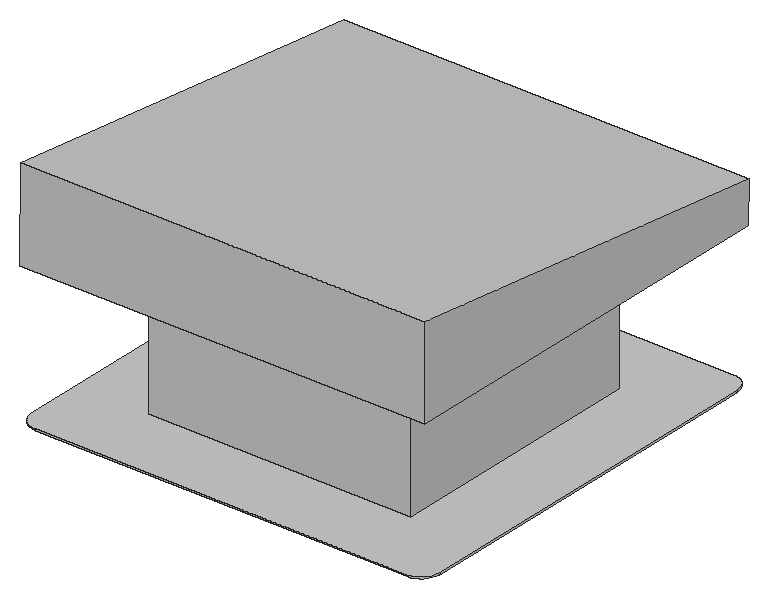
Revit family "Mechanical_Menzies-Metal_Built-Up-Roof-Flat-Top-Vent", category Mechanical Equipment, host Face, Revit 2018
Family settings
  Host = Face
  Round Connector Dimension = Use Diameter
  Part Type = Normal
  OmniClass Number = 23.70.50.21.24.11
  OmniClass Title = Roof Waste Water Drains
  Cut with Voids When Loaded = No
  Shared = No
  Room Calculation Point = No
Parameters (values of type "14 x 14")
  Width = 14"
  Weight = 10.95 lbf
  Waste Connection = no
  Vent Connection = no
  URL = "https://www.menzies-metal.com/flat-roofing/bur-flat-top-vent/"
  Product data url = "https://www.bimobject.com/menzies-metal/product/built-up-roof-vent-tpo"
  Product Material = Metal - Menzies Metal Products - Galvanized Steel
  Product Guid = "2799f1e7-5a87-41a4-ae29-f83a5cfc54c4"
  Model = "600-2142"
  Manufacturer = "Menzies Metal Products"  # constant formula
  HW Connection = no
  Edition number = 1
  Drain Flow = 0 GPM
  Description = "Built Up Roof Flat Top Vent"  # constant formula
  Depth = 14"
  Default Elevation = 48"
  CW Connection = no
  Assembly Code = "D2040200"
Reference planes (in)
  plane 1 "Center (Front/Back)": y = 0
  plane 2: z = 0
  plane 3 "Center (Left/Right)": x = 0
  plane 4: z = 0.05867
  plane 5: y = 7
  plane 6: y = -7
  plane 7: x = -7
  plane 8: x = 7
  plane 9: z = 0.09
  plane 10: z = 8.09
  plane 11: y = 10.91
  plane 12: y = -10.91
  plane 13: z = 12.7
  plane 14: x = 11
  plane 15: x = -11
  plane 16: x = -10.91579
  plane 17: x = 10.89
  plane 18: z = 7.69
  plane 19: y = 11
  plane 20: y = -11
  plane 21: z = 10
  plane 22: y = -10.91
  plane 23: y = 10.91
Forms (in)
  Extrusion 1, solid, material "Metal - Menzies Metal Products - Galvanized Steel" <- "Product Material", detail levels medium+fine
    sketch origin (0, 0, 0) x (1, 0, 0) y (0, 1, 0)
      loop
        line (-7, 7) -> (-7, -7) -> (7, -7) -> (7, 7) -> (-7, 7)
      loop
        line (-7.11579, 7.09) -> (-7.11579, -7.09) -> (7.09, -7.09) -> (7.09, 7.09) -> (-7.11579, 7.09)
    from 0 to 8.09
  Extrusion 2, solid, material "Metal - Menzies Metal Products - Galvanized Steel" <- "Product Material", detail levels medium+fine
    sketch origin (0, 0, 0) x (1, 0, 0) y (0, 1, 0)
      loop
        line (-7.11579, 7.09) -> (-7.11579, -7.09) -> (7.09, -7.09) -> (7.09, 7.09) -> (-7.11579, 7.09)
      loop
        line (10.09, 11.09) -> (-10.09, 11.09)
        arc (-10.09, 11.09) -> (-10.79711, 10.79711) -> (-11.09, 10.09) r 1
        line (-11.09, 10.09) -> (-11.09, -10.09)
        arc (-11.09, -10.09) -> (-10.79711, -10.79711) -> (-10.09, -11.09) r 1
        line (-10.09, -11.09) -> (10.09, -11.09)
        arc (10.09, -11.09) -> (10.79711, -10.79711) -> (11.09, -10.09) r 1
        line (11.09, -10.09) -> (11.09, 10.09)
        arc (11.09, 10.09) -> (10.79711, 10.79711) -> (10.09, 11.09) r 1
    from 0 to 0.09
  Extrusion 3, solid, material "Metal - Menzies Metal Products - Galvanized Steel" <- "Product Material", detail levels medium+fine
    sketch origin (0, 0, 0) x (0, 1, 0) y (0, 0, 1)
      loop
        line (11, 10) -> (-11, 12.7) -> (-11, 7.69) -> (11, 7.69) -> (11, 10)
    from -11 to 11
  Extrusion 4, void
    sketch origin (0, 0, 0) x (0, 1, 0) y (0, 0, 1)
      loop
        line (10.91, 7.69) -> (10.91, 9.92037) -> (-10.91, 12.59828) -> (-10.91, 7.69) -> (10.91, 7.69)
    from -10.91579 to 10.89
  Extrusion 5, solid, material "Metal - Menzies Metal Products - Galvanized Steel" <- "Product Material", detail levels coarse
    sketch origin (0, 0, 0) x (1, 0, 0) y (0, 1, 0)
      loop
        line (-11.09, 11.09) -> (-11.09, -11.09) -> (11.09, -11.09) -> (11.09, 11.09) -> (-11.09, 11.09)
    from 0 to 0.09
  Extrusion 6, solid, material "Metal - Menzies Metal Products - Galvanized Steel" <- "Product Material", detail levels coarse
    sketch origin (0, 0, 0) x (1, 0, 0) y (0, 1, 0)
      loop
        line (-7.09, 7.09) -> (-7.09, -7.09) -> (7.09, -7.09) -> (7.09, 7.09) -> (-7.09, 7.09)
    from 0.09 to 8.09
  Extrusion 7, solid, material "Metal - Menzies Metal Products - Galvanized Steel" <- "Product Material", detail levels coarse
    sketch origin (0, 0, 0) x (0, 1, 0) y (0, 0, 1)
      loop
        line (-11, 7.69) -> (11, 7.69) -> (11, 10) -> (-11, 12.7) -> (-11, 7.69)
    from -11 to 11
  Extrusion 8, solid, material "Metal - Menzies Metal Products - Galvanized Steel" <- "Product Material", detail levels medium+fine
    sketch origin (0, 0, 0) x (1, 0, 0) y (0, 0, 1)
      loop
        line (-8, 8.09) -> (-6, 8.09) -> (-6, 8.69) -> (-8, 8.69) -> (-8, 8.09)
      loop
        line (6, 8.69) -> (6, 8.09) -> (8, 8.09) -> (8, 8.69) -> (6, 8.69)
    from -10.91 to 10.91
Cuts and joins
  joined: Extrusion 1, Extrusion 2
  Extrusion 4 cuts Extrusion 3
Lines and regions (in)
  Masking region 1, detail levels coarse
    outline origin (0, 0, 0) x (1, 0, 0) y (0, 1, 0)
      loop
        line (-11.09, 11.09) -> (-11.09, -11.09) -> (11.09, -11.09) -> (11.09, 11.09) -> (-11.09, 11.09)
  Masking region 2, detail levels medium+fine
    outline origin (0, 0, 0) x (1, 0, 0) y (0, 1, 0)
      loop
        line (-11.09, 10.09) -> (-11.09, -10.09)
        arc (-11.09, -10.09) -> (-11.06724, -10.30213) -> (-11, -10.50461) r 1
        line (-11, -10.50461) -> (-11, -11) -> (-10.50461, -11)
        arc (-10.50461, -11) -> (-10.30213, -11.06724) -> (-10.09, -11.09) r 1
        line (-10.09, -11.09) -> (10.09, -11.09)
        arc (10.09, -11.09) -> (10.30213, -11.06724) -> (10.50461, -11) r 1
        line (10.50461, -11) -> (11, -11) -> (11, -10.50461)
        arc (11, -10.50461) -> (11.06724, -10.30213) -> (11.09, -10.09) r 1
        line (11.09, -10.09) -> (11.09, 10.09)
        arc (11.09, 10.09) -> (11.06724, 10.30213) -> (11, 10.50461) r 1
        line (11, 10.50461) -> (11, 11) -> (10.50461, 11)
        arc (10.50461, 11) -> (10.30213, 11.06724) -> (10.09, 11.09) r 1
        line (10.09, 11.09) -> (-10.09, 11.09)
        arc (-10.09, 11.09) -> (-10.30213, 11.06724) -> (-10.50461, 11) r 1
        line (-10.50461, 11) -> (-11, 11) -> (-11, 10.50461)
        arc (-11, 10.50461) -> (-11.06724, 10.30213) -> (-11.09, 10.09) r 1
  symbolic lines
    curve 1: line (-11, 11, 0) -> (-11, -11, 0)
    curve 2: line (11, 11, 0) -> (-11, 11, 0)
    curve 3: line (11, -11, 0) -> (11, 11, 0)
    curve 4: line (-11, -11, 0) -> (11, -11, 0)
Dimensions and locks (in)
  locked: plane 4 to plane 2 at 0.05867
  equal spacing: plane 7, plane 3 "Center (Left/Right)", plane 8
  equal spacing: plane 5, plane 1 "Center (Front/Back)", plane 6
  Extrusion 2 sketch curve to Extrusion 1 = 3.97421"
  Extrusion 1 to Extrusion 2 sketch curve = 4"
  equal spacing: Extrusion 2 sketch curve, plane 1 "Center (Front/Back)", Extrusion 2 sketch curve
  equal spacing: Extrusion 2 sketch curve, plane 3 "Center (Left/Right)", Extrusion 2 sketch curve
  Extrusion 2 sketch curve to Extrusion 1 = 4"  (x2)
  plane 10 to level = 8.09"
  "Width": plane 7 to plane 8
  "Depth": plane 5 to plane 6
  equal spacing: plane 11, plane 1 "Center (Front/Back)", plane 12
  plane 8 to plane 14 = 4"
  plane 15 to plane 7 = 4"
  plane 15 to plane 16 = 0.08421"
  plane 17 to plane 14 = 0.11"
  plane 10 to plane 18 = 0.4"
  equal spacing: Extrusion 7 sketch curve, plane 1 "Center (Front/Back)", Extrusion 7 sketch curve
  plane 11 to plane 5 = 3.91"
  plane 19 to plane 5 = 4"  (x2)
  plane 6 to plane 20 = 4"
  plane 6 to plane 12 = 3.91"
  plane 20 to plane 6 = 4"
  Extrusion 4 sketch curve to plane 6 = 3.91"
  cut or joined group of Extrusion 3, Extrusion 4 to Extrusion 4 sketch curve = 0.09"
  equal spacing: Extrusion 8 sketch curve, plane 7, Extrusion 8 sketch curve
  equal spacing: Extrusion 8 sketch curve, plane 8, Extrusion 8 sketch curve
  plane 6 to plane 22 = 3.91"
  plane 23 to plane 5 = 3.91"
  aligned and locked: plane 2 to host face
  aligned and locked: level to host face
  aligned and locked: Extrusion 1 sketch curve to plane 5
  aligned and locked: Extrusion 1 sketch curve to plane 7
  aligned and locked: Extrusion 1 sketch curve to plane 6
  aligned and locked: Extrusion 1 sketch curve to plane 8
  aligned and locked: Extrusion 1 to level
  aligned and locked: Extrusion 2 sketch curve to Extrusion 1  (x4)
  aligned and locked: plane 9 to Extrusion 2
  aligned and locked: plane 10 to cut or joined group of Extrusion 1, Extrusion 2
  aligned and locked: plane 15 to Extrusion 3
  aligned and locked: plane 14 to Extrusion 3
  aligned and locked: Extrusion 4 to plane 17
  aligned and locked: plane 16 to Extrusion 4
  aligned and locked: Extrusion 5 sketch curve to cut or joined group of Extrusion 1, Extrusion 2  (x4)
  aligned and locked: plane 9 to Extrusion 5
  aligned and locked: cut or joined group of Extrusion 1, Extrusion 2 to Extrusion 6 sketch curve  (x2)
  aligned and locked: Extrusion 6 to plane 9
  aligned and locked: cut or joined group of Extrusion 1, Extrusion 2 to Extrusion 6
  aligned and locked: plane 15 to Extrusion 7
  aligned and locked: plane 14 to Extrusion 7
  aligned and locked: plane 20 to Extrusion 3 sketch curve
  aligned and locked: plane 13 to Extrusion 3 sketch curve
  aligned and locked: Extrusion 3 sketch curve to plane 19
  aligned and locked: plane 10 to Extrusion 8 sketch curve
  aligned and locked: Extrusion 8 sketch curve to Extrusion 6
  aligned and locked: Extrusion 8 sketch curve to Extrusion 8 sketch curve
  aligned and locked: plane 22 to cut or joined group of Extrusion 3, Extrusion 4
  aligned and locked: plane 22 to Extrusion 8
  aligned and locked: Extrusion 8 to plane 23
  aligned and locked: Extrusion 4 sketch curve to plane 23
  aligned and locked: Masking region 1 sketch curve to Extrusion 5  (x4)
  aligned and locked: Masking region 2 sketch curve to cut or joined group of Extrusion 1, Extrusion 2  (x4)
  aligned and locked: cut or joined group of Extrusion 3, Extrusion 4 to Masking region 2 sketch curve  (x4)
  aligned and locked: Masking region 2 sketch curve to cut or joined group of Extrusion 3, Extrusion 4  (x2)
  aligned and locked: curve 1 to cut or joined group of Extrusion 3, Extrusion 4
  aligned and locked: curve 2 to cut or joined group of Extrusion 3, Extrusion 4
  aligned and locked: curve 3 to cut or joined group of Extrusion 3, Extrusion 4
  aligned and locked: curve 4 to cut or joined group of Extrusion 3, Extrusion 4
Automatic sketch dimensions
  host sketch curve to host sketch curve = 94.66418"
  host sketch curve to host sketch curve = 96"
  Extrusion 1 sketch curve to plane 7 = 0.11579"
  Extrusion 1 sketch curve to plane 8 = 0.09"
  plane 6 to Extrusion 1 sketch curve = 0.09"
  plane 5 to Extrusion 1 sketch curve = 0.09"
  Extrusion 2 sketch curve to Extrusion 2 sketch curve = 1"  (x4)
  Extrusion 6 sketch curve to plane 7 = 0.09"
  Extrusion 6 sketch curve to plane 8 = 0.09"
  Extrusion 7 sketch curve to plane 10 = 0.4"
  plane 6 to Extrusion 7 sketch curve = 4"
  plane 10 to Extrusion 7 sketch curve = 1.91"
  plane 10 to Extrusion 7 sketch curve = 4.61"
  plane 18 to Extrusion 3 sketch curve = 0"
  Extrusion 3 sketch curve to plane 21 = 0"
  Extrusion 8 sketch curve to plane 7 = 1"
  plane 8 to Extrusion 8 sketch curve = 1"
  Extrusion 8 sketch curve to Extrusion 8 sketch curve = 0.6"
  Extrusion 4 sketch curve to plane 10 = 0.4"
  Masking region 2 sketch curve to Masking region 2 sketch curve = 0"  (x8)
  plane 22 to Masking region 2 sketch curve = 0.09"
  Masking region 2 sketch curve to plane 15 = 0"
  Masking region 2 sketch curve to plane 23 = 0.09"
Connectors (in)
  hvac at (0, 0, 0), driven by "Depth", driven by "Width"
    settings: on cut or joined group of Extrusion 1, Extrusion 2, index 1, duct flow 0 CFM, flow factor 0, pres drop 0.00 in-wg, loss coef 0, conn angle 0.00°, conn width 14", conn height 14", conn diameter 24", duct sys type 1, conn prof type 1, flow config 0, flow direction 0, loss method 0, conn ref index -1, conn util no, is conn primary yes, conn desc ""
